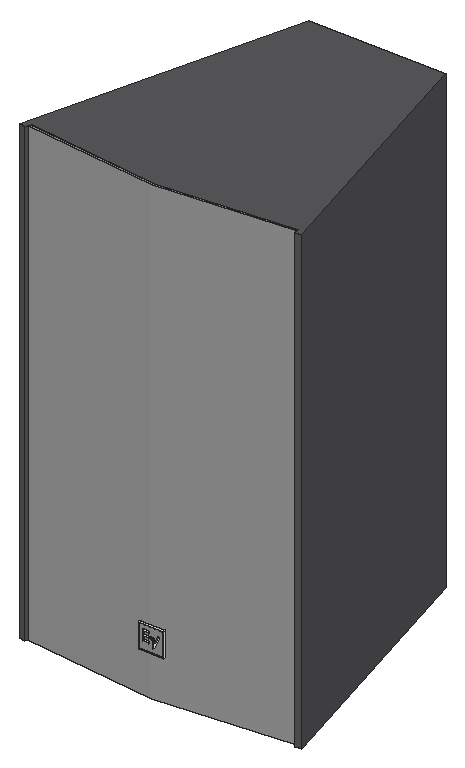
Revit family "EVF-1152S", category Communication Devices, Revit 2017 (continued)
Types (36, lengths in mm): name | ProductInformation | PlanningTools | ModelNumber | MaterialRALColour | LoudspeakerMaterial | GrillMaterial | CTN | InstallationManual | Description | ArchitectsAndEngineersSpecs
  EVF1152S99FBLB_Black_90X90_Fiberglass_Weathzd | "https://www.electrovoice.com/binary/EVF-1152S-99_Engineering_Data_Sheet.PDF" | "https://www.electrovoice.com/product.php?id=960#downloads" | "F.01U.272.947" | "RAL9004" | 13-plyWeather-resistantBirchEVCoat -RAL9004 | 16GA Powder-coatedGalvanneal - B | "EVF1152S99FBLB" | "https://www.electrovoice.com/binary/EVF-1152S-99_Engineering_Data_Sheet.PDF" | "ND2B 2 51mm Diaphragm, 36mm Exit Pure Titanium Compression Driver. SMX2151 381mm LF Transducer with Fully Symmetric Drive. Advanced 4th Order Crossover Network with HF Protection. Coverage Pattern: 90° x 90° Constant DirectivityTM 12” Rotatable Waveguide. 101 dB Sensitivity, 134 dB Maximum SPL. System Rating: 500W Continuous, (2000W Peak). Active Rating: LF400W/HF40W Continuous (1600W/160W Peak)." | "https://www.electrovoice.com/binary/EVF-1152S-99_Engineering_Data_Sheet.PDF"
  EVF1152S99FWLB_White_90X90_Fiberglass_Weathzd | "https://www.electrovoice.com/binary/EVF-1152S-99_Engineering_Data_Sheet.PDF" | "https://www.electrovoice.com/product.php?id=960#downloads" | "F.01U.272.948" | "RAL9010" | 13-plyWeather-resistantBirchEVCoat -RAL9010 | 16GA Powder-coatedGalvanneal - W | "EVF1152S99FWLB" | "https://www.electrovoice.com/binary/EVF-1152S-99_Engineering_Data_Sheet.PDF" | "ND2B 2 51mm Diaphragm, 36mm Exit Pure Titanium Compression Driver. SMX2151 381mm LF Transducer with Fully Symmetric Drive. Advanced 4th Order Crossover Network with HF Protection. Coverage Pattern: 90° x 90° Constant DirectivityTM 12” Rotatable Waveguide. 101 dB Sensitivity, 134 dB Maximum SPL. System Rating: 500W Continuous, (2000W Peak). Active Rating: LF400W/HF40W Continuous (1600W/160W Peak)." | "https://www.electrovoice.com/binary/EVF-1152S-99_Engineering_Data_Sheet.PDF"
  EVF1152S99PIBLB_Black_90X90_1X15_Weatherized | "https://www.electrovoice.com/binary/EVF-1152S-99_Engineering_Data_Sheet.PDF" | "https://www.electrovoice.com/product.php?id=960#downloads" | "F.01U.272.540" | "RAL9004" | 13-plyWeather-resistantBirchEVCoat -RAL9004 | 16GA Powder-coatedGalvanneal - B | "EVF1152S99PIBLB" | "https://www.electrovoice.com/binary/EVF-1152S-99_Engineering_Data_Sheet.PDF" | "ND2B 2 51mm Diaphragm, 36mm Exit Pure Titanium Compression Driver. SMX2151 381mm LF Transducer with Fully Symmetric Drive. Advanced 4th Order Crossover Network with HF Protection. Coverage Pattern: 90° x 90° Constant DirectivityTM 12” Rotatable Waveguide. 101 dB Sensitivity, 134 dB Maximum SPL. System Rating: 500W Continuous, (2000W Peak). Active Rating: LF400W/HF40W Continuous (1600W/160W Peak)." | "https://www.electrovoice.com/binary/EVF-1152S-99_Engineering_Data_Sheet.PDF"
  EVF1152S99PIWLB_White_90X90_1X15_Weatherized | "https://www.electrovoice.com/binary/EVF-1152S-99_Engineering_Data_Sheet.PDF" | "https://www.electrovoice.com/product.php?id=960#downloads" | "F.01U.272.541" | "RAL9010" | 13-plyWeather-resistantBirchEVCoat -RAL9010 | 16GA Powder-coatedGalvanneal - W | "EVF1152S99PIWLB" | "https://www.electrovoice.com/binary/EVF-1152S-99_Engineering_Data_Sheet.PDF" | "ND2B 2 51mm Diaphragm, 36mm Exit Pure Titanium Compression Driver. SMX2151 381mm LF Transducer with Fully Symmetric Drive. Advanced 4th Order Crossover Network with HF Protection. Coverage Pattern: 90° x 90° Constant DirectivityTM 12” Rotatable Waveguide. 101 dB Sensitivity, 134 dB Maximum SPL. System Rating: 500W Continuous, (2000W Peak). Active Rating: LF400W/HF40W Continuous (1600W/160W Peak)." | "https://www.electrovoice.com/binary/EVF-1152S-99_Engineering_Data_Sheet.PDF"
  EVF1152S99WHTLB_White_90X90_1X15_Two-Way | "https://www.electrovoice.com/binary/EVF-1152S-99_Engineering_Data_Sheet.PDF" | "https://www.electrovoice.com/product.php?id=960#downloads" | "F.01U.272.539" | "RAL9010" | 13-plyWeather-resistantBirchEVCoat -RAL9010 | 16GA Powder-coatedGalvanneal - W | "EVF1152S99WHTLB" | "https://www.electrovoice.com/binary/EVF-1152S-99_Engineering_Data_Sheet.PDF" | "ND2B 2 51mm Diaphragm, 36mm Exit Pure Titanium Compression Driver. SMX2151 381mm LF Transducer with Fully Symmetric Drive. Advanced 4th Order Crossover Network with HF Protection. Coverage Pattern: 90° x 90° Constant DirectivityTM 12” Rotatable Waveguide. 101 dB Sensitivity, 134 dB Maximum SPL. System Rating: 500W Continuous, (2000W Peak). Active Rating: LF400W/HF40W Continuous (1600W/160W Peak)." | "https://www.electrovoice.com/binary/EVF-1152S-99_Engineering_Data_Sheet.PDF"
